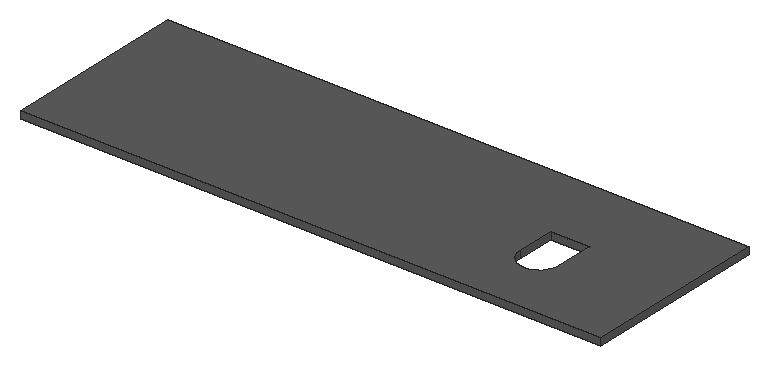
Revit family "Countertop-150cm-WoodenTopCounter-Right-Vitra-OriginSeries-65936+65937+65938", category Furniture Systems, host Face, Revit 2017
Family settings
  Host = Face
  Round Connector Dimension = Use Diameter
  Part Type = Normal
  OmniClass Number = 23.40.00.00
  OmniClass Title = Equipment and Furnishings
  Cut with Voids When Loaded = No
  Shared = Yes
  Room Calculation Point = No
Parameters (values of type "Countertop-150cm-WithRightSyphonHole-Vitra-OriginSeries-65936")
  Youtube = "https://www.youtube.com/user/VitrAglobal"
  Weight Net (kg) = ""
  Warranty Period (Year) = "2"
  Uniformat II Description = "INTERIOR FINISHES"
  Uniformat II Code = "C30"
  Uniclass 2015 Name = "Counter tops"
  Uniclass 2015 Code = "Pr_40_30_30_18"
  Uniclass 2.0 Description = "Counter Tops"
  Uniclass 2.0 Code = "PR-35-12-18"
  Uniclass 1.4 Description = "Counters"
  Uniclass 1.4 Code = "L8571"
  URL = "https://vitraglobal.com/"
  UNSPSC Description = ""
  UNSPSC Code = ""
  Technical description = "https://www.vitraglobal.com/pdf/65936/"
  Tap hole Options (default) = ""
  Specification = ""
  Region South America = "All"
  Region Oceania = "All"
  Region North America = "All"
  Region Middle East = "All"
  Region Europe = "All"
  Region Asia = "All"
  Region Antarctica = "All"
  Region Africa = "All"
  Product url = "https://www.vitraglobal.com/bathroom-furniture/counters/standard-workbenches/origin-wooden-top-counter-sku-65936/"
  Product manual = ""
  Product group = "Counters - Standard Workbenches - Wooden Top counter\r\n>"
  Product family = "Origin"
  Product data url = ""
  Product certification = "https://www.vitraglobal.com/brochures/"
  Product SKU = "65936"
  Product Guid = "https://www.vitraglobal.com/uyeIslem/fileDownload.aspx?udkEnc=eeBq/oJLV7HeoDgVNLLd2kGEIcPymHPZnsKYJoqen8ezD7wppRRX4vM1UyqY/eicNq6bs38u83COgVC6shpDzQ==&lang=en-US"
  Primary Material = PatternedBlackOak
  OmniClass Description = "Casework Component Work Surfaces"
  OmniClass Code = "23-21 19 17"
  Nominal Width (mm) = 1505 mm
  Nominal Height (mm) = 18 mm
  Nominal Depth (mm) = 480 mm
  NBS Referans Description = "Counter Tops"
  NBS Referans Code = "35-12-18"
  Mounting type = "Top Counter"
  Model = "65936"
  Masterformat 2014 Description = "Countertops"
  Masterformat 2014 Code = "12 36 00"
  Manufacturer name = "VitrA"
  Manufacturer = "VitrA"
  Main Material = "Wooden"
  Installation instructions = "https://www.vitraglobal.com/uyeIslem/fileDownload.aspx?udkEnc=3y0EWdcsy+Q34CVih46lPSStXSFwFjt3FgPJVHnUXsrDgrnWQN//dR7mtHp2Qp+yp3EUIs/vO0gSHdLbXHPh1A==&lang=en-US"
  IFC Classification = "Furnishing Element"
  EAN code = ""
  Design country = "Turkey"
  Description = "Origin Wooden Top counter - with right syphon hole - 150cm -  Patterned Black Oak"
  Default Elevation = 850 mm
  Color = "PatternedBlackOak"
  COBIe Type Category = ""
  Brand = "VitrA"
  BIMobject category = "Countertops"
  Article No. (default) = "65936"
  Accessories (default) = ""
Types (3, lengths in mm): name | Technical description | Product url | Product SKU | Product Guid | Primary Material | Model | Installation instructions | Description | Color | Article No. (default)
  Countertop-150cm-WithRightSyphonHole-Vitra-OriginSeries-65936 | "https://www.vitraglobal.com/pdf/65936/" | "https://www.vitraglobal.com/bathroom-furniture/counters/standard-workbenches/origin-wooden-top-counter-sku-65936/" | "65936" | "https://www.vitraglobal.com/uyeIslem/fileDownload.aspx?udkEnc=eeBq/oJLV7HeoDgVNLLd2kGEIcPymHPZnsKYJoqen8ezD7wppRRX4vM1UyqY/eicNq6bs38u83COgVC6shpDzQ==&lang=en-US" | PatternedBlackOak | "65936" | "https://www.vitraglobal.com/uyeIslem/fileDownload.aspx?udkEnc=3y0EWdcsy+Q34CVih46lPSStXSFwFjt3FgPJVHnUXsrDgrnWQN//dR7mtHp2Qp+yp3EUIs/vO0gSHdLbXHPh1A==&lang=en-US" | "Origin Wooden Top counter - with right syphon hole - 150cm -  Patterned Black Oak" | "PatternedBlackOak" | "65936"
  Countertop-150cm-WithRightSyphonHole-Vitra-OriginSeries-65937 | "https://www.vitraglobal.com/pdf/65937/" | "https://www.vitraglobal.com/bathroom-furniture/counters/standard-workbenches/origin-wooden-top-counter-sku-65937/" | "65937" | "https://www.vitraglobal.com/uyeIslem/fileDownload.aspx?udkEnc=ZXdParWwy/C7iju1wjDeSowa6+Xw4yrdO5z1PcwbtTWatipM/xoyDA6NBDDZns1GkSlbhCnirsKh8L3uCKmZXw==&lang=en-US" | Elm | "65937" | "https://www.vitraglobal.com/uyeIslem/fileDownload.aspx?udkEnc=FDcw/V+u5KNVVWVydD4mrLTs/fjJJ5jsYulNUdE9dtFwFAD0H4GOs6N2FH/4zQGiBK4PhJqu89QvtnTtl2mjdg==&lang=en-US" | "Origin Wooden Top counter - with right syphon hole - 150cm - Elm" | "Elm" | "65937"
  Countertop-150cm-WithRightSyphonHole-Vitra-OriginSeries-65938 | "https://www.vitraglobal.com/pdf/65938/" | "https://www.vitraglobal.com/bathroom-furniture/counters/standard-workbenches/origin-wooden-top-counter-sku-65938/" | "65938" | "https://www.vitraglobal.com/uyeIslem/fileDownload.aspx?udkEnc=rTL0OeB+HZ5Wg8+r4vp/dLz+X/P92OtijbbIdufiiJHayfqqWpomt+shIXU1s8inqSZcl8ZKmCaFeTV41P+udA==&lang=en-US" | Flat Oak | "65938" | "https://www.vitraglobal.com/uyeIslem/fileDownload.aspx?udkEnc=zvYQOTLc6PsU9U+IBKxtImSHxTCYf1msKKTzVIFN208DfOu7NGcoCNiAp9u1pbvVt+NcIys9NXO+fbwJrZ+HXA==&lang=en-US" | "Origin Wooden Top counter - with right syphon hole - 150cm - Flat Oak" | "Flat Oak" | "65938"
Reference planes
  plane 1 "Center (Front/Back)": y = 0
  plane 2: z = 0
  plane 3 "Center (Left/Right)": x = -8.77
  plane 4: y = 240
  plane 5: y = -240
  plane 6: z = -832
  plane 7: z = 18
  plane 8: x = -602.5
  plane 9: x = 902.5
Forms (mm)
  Extrusion 1, solid, detail levels coarse
    sketch origin (0, 0, 0) x (1, 0, 0) y (0, 1, 0)
      loop
        line (902.5, 240) -> (-602.5, 240) -> (-602.5, -240) -> (902.5, -240) -> (902.5, 240)
    from 0 to 18
  Extrusion 2, solid, material "PatternedBlackOak" <- "Primary Material", detail levels medium+fine
    sketch origin (0, 0, 0) x (1, 0, 0) y (0, 1, 0)
      loop
        line (902.5, 240) -> (-602.5, 240) -> (-602.5, -240) -> (902.5, -240) -> (902.5, 240)
      loop
        line (550, 40) -> (550, -60)
        arc (550, -60) -> (600, -110) -> (650, -60) r 50
        line (650, -60) -> (650, 40) -> (550, 40)
    from 0 to 18
Dimensions and locks
  "Nominal Depth (mm)": plane 4 to plane 5
  plane 7 to plane 6 = 850 mm
  "Nominal Height (mm)": plane 7 to host face
  "Nominal Width (mm)": plane 8 to plane 9
  aligned and locked: plane 2 to host face
  aligned and locked: level to host face
Automatic sketch dimensions
  host sketch curve to host sketch curve = 2438.4 mm  (x2)
  Extrusion 1 sketch curve to plane 5 = 0 mm
  Extrusion 1 sketch curve to plane 4 = 0 mm
  Extrusion 1 sketch curve to plane 3 "Center (Left/Right)" = 593.73 mm
  plane 3 "Center (Left/Right)" to Extrusion 1 sketch curve = 911.27 mm
  Extrusion 2 sketch curve to plane 4 = 0 mm
  Extrusion 2 sketch curve to plane 8 = 0 mm
  plane 5 to Extrusion 2 sketch curve = 0 mm
  Extrusion 2 sketch curve to plane 9 = 0 mm
  plane 1 "Center (Front/Back)" to Extrusion 2 sketch curve = 60 mm
  plane 9 to Extrusion 2 sketch curve = 352.5 mm
  Extrusion 2 sketch curve to Extrusion 2 sketch curve = 50 mm
  Extrusion 2 sketch curve to plane 1 "Center (Front/Back)" = 40 mm
